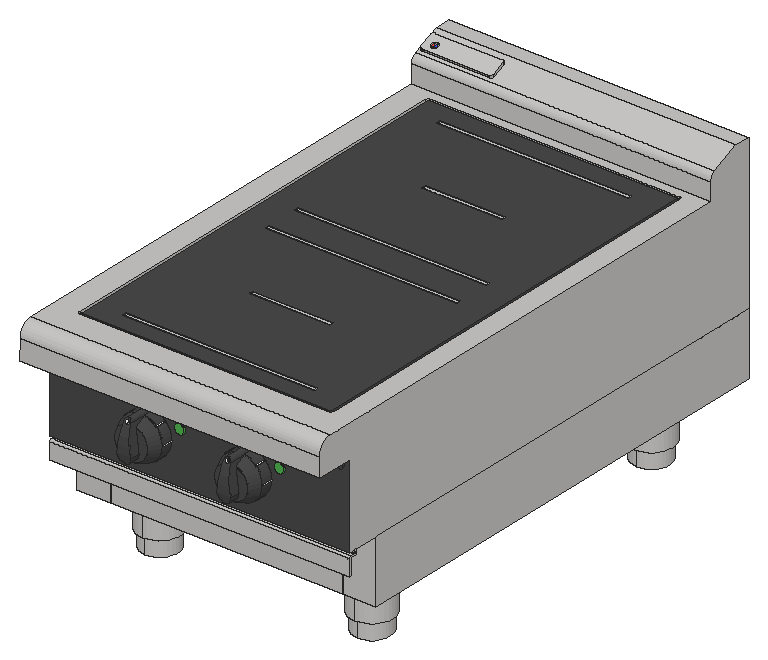
Revit family "QF_Moffat_INLB8200R5-B_Induction_Cooktop_cat", category Specialty Equipment, Revit 2019
Family settings
  Round Connector Dimension = Use Diameter
  Part Type = Normal
  Work Plane-Based = No
  Always vertical = Yes
  Cut with Voids When Loaded = No
  Shared = No
  Room Calculation Point = No
Parameters (values of type "INLB8200R5-B_400/50/3")
  Weight in Kilograms = 88
  Watts = 10000 W
  Volts = 400 V
  URL Cutsheet = ""
  Specification by User = ""
  Specification by Manufacturer = ""
  Show Logo [instance] = yes
  Serial Number = ""
  Seismic Rating = ""
  SMACNA No = ""
  Revision Code = ""
  Phase = 3
  Number of Poles = 1
  NAFEM Spec ID Number = ""
  Model = "INLB8200R5-B"
  Min Ckt Ampacity = 0 A
  Max Overcurrent Protection = 0 A
  Masterspec = ""
  Manufacturer = "Moffat"
  Length = 450 mm
  Item Number = ""
  Installed By = ""
  Identify Quantity as Lot = yes
  Height = 410 mm
  HP = ""
  Furnished By = ""
  Foodservice Equipment Identifier = yes
  FL Amps = 14 A
  Electrical Remarks = ""
  Electric Connection Type = ""
  Elec Conn RI Height = 0 mm
  Elec Conn Connection Height = 0 mm
  Description = "Induction Cooktop"
  Depth = 805 mm
  Cycle = 50 Hz
  Conn Plug = ""
  Conn Conduit = yes
  CSI MasterFormat = ""
  Apparent Power = if(Phase = 3, Volts * FL Amps * 1.73, Volts * FL Amps)  # 9688 VA
Reference planes
  plane 1 "BACK": y = 0
  plane 2: z = 0
  plane 3 "LEFT": x = 0
  plane 4 "RIGHT": x = 450
  plane 5 "FRONT": y = -805
  plane 6 "TOP": z = 410
  plane 7 "Center Y": x = 225
  plane 8 "Center X": y = -402.5
  plane 9: x = 65.5
  plane 10: x = 384.5
  plane 11: y = -30
  plane 12: x = 320
  plane 13: z = 85
  plane 14: y = -100
  plane 15: y = -625
  plane 16: y = -70
  plane 17: z = 355
  plane 18: z = 75
Forms (mm)
  Extrusion 1, solid, material "QF_Metal_Stainless_Polished"
    sketch origin (0, 0, 0) x (0, 1, 0) y (0, 0, 1)
      loop
        line (0, 180) -> (0, 410) -> (-23.147, 410) -> (-62.316, 393.374)
        arc (-62.316, 393.374) -> (-67.905, 388.725) -> (-70, 381.764) r 12.612
        line (-70, 381.764) -> (-70, 355) -> (-784.417, 355)
        arc (-784.417, 355) -> (-798.971, 348.971) -> (-805, 334.417) r 20.583
        line (-805, 334.417) -> (-805, 305) -> (-749, 305) -> (-749, 180) -> (0, 180)
    from 0 to 450
  Extrusion 2, void
    sketch origin (0, -784.417, 355) x (0, 1, 0) y (-1, 0, 0)
      loop
        arc (699.588, -42.349) -> (697.83, -38.106) -> (693.588, -36.349) r 6
        line (693.588, -36.349) -> (45.492, -36.349)
        arc (45.492, -36.349) -> (41.249, -38.106) -> (39.492, -42.349) r 6
        line (39.492, -42.349) -> (39.492, -413.677)
        arc (39.492, -413.677) -> (41.249, -417.92) -> (45.492, -419.677) r 6
        line (45.492, -419.677) -> (693.588, -419.677)
        arc (693.588, -419.677) -> (697.83, -417.92) -> (699.588, -413.677) r 6
        line (699.588, -413.677) -> (699.588, -42.349)
    from 0 to -9.5
  Extrusion 3, solid, material "QF_Plastic_Black_Smooth"
    sketch origin (0, -784.417, 355) x (0, 1, 0) y (-1, 0, 0)
      loop
        line (695.588, -413.677) -> (695.588, -42.349)
        arc (695.588, -42.349) -> (695.002, -40.935) -> (693.588, -40.349) r 2
        line (693.588, -40.349) -> (45.492, -40.349)
        arc (45.492, -40.349) -> (44.078, -40.935) -> (43.492, -42.349) r 2
        line (43.492, -42.349) -> (43.492, -413.677)
        arc (43.492, -413.677) -> (44.078, -415.091) -> (45.492, -415.677) r 2
        line (45.492, -415.677) -> (693.588, -415.677)
        arc (693.588, -415.677) -> (695.002, -415.091) -> (695.588, -413.677) r 2
      loop
        line (666.191, -368.576) -> (666.191, -81.424) -> (660.191, -81.424) -> (660.191, -368.576) -> (666.191, -368.576)
      loop
        line (528.085, -165) -> (528.085, -285) -> (534.085, -285) -> (534.085, -165) -> (528.085, -165)
      loop
        line (76.585, -368.576) -> (76.585, -81.424) -> (70.585, -81.424) -> (70.585, -368.576) -> (76.585, -368.576)
      loop
        line (204.401, -165) -> (204.401, -285) -> (210.401, -285) -> (210.401, -165) -> (204.401, -165)
      loop
        line (399.085, -368.576) -> (399.085, -81.424) -> (393.085, -81.424) -> (393.085, -368.576) -> (399.085, -368.576)
      loop
        line (344.085, -368.576) -> (344.085, -81.424) -> (338.085, -81.424) -> (338.085, -368.576) -> (344.085, -368.576)
    from 0 to -9.5
  Extrusion 4, solid, material "QF_Metal_Stainless_Polished"
    sketch origin (0, 0, 40) x (0, 1, 0) y (0, 0, 1)
      loop
        line (-739.467, 140) -> (-738.192, 134.838)
        arc (-738.192, 134.838) -> (-738.307, 134.302) -> (-738.799, 134.063) r 0.625
        line (-738.799, 134.063) -> (-746.111, 134.063)
        arc (-746.111, 134.063) -> (-748.011, 133.276) -> (-748.797, 131.377) r 2.686
        line (-748.797, 131.377) -> (-748.797, 107.627) -> (-747.197, 107.627) -> (-747.197, 131.242)
        arc (-747.197, 131.242) -> (-746.84, 132.105) -> (-745.976, 132.463) r 1.221
        line (-745.976, 132.463) -> (-738.755, 132.463)
        arc (-738.755, 132.463) -> (-737.028, 133.304) -> (-736.625, 135.182) r 2.194
        line (-736.625, 135.182) -> (-737.815, 140) -> (-739.467, 140)
    from 0 to 450
  Extrusion 5, solid, material "QF_Plastic_Black_Smooth"
    sketch origin (0, -749, 181.875) x (0, 0, 1) y (-1, 0, 0)
      loop
        circle (112.843, -13.157) r 5
      loop
        circle (112.843, -436.843) r 5
    from 0 to 1.6
  Extrusion 6, solid, material "QF_Metal_Stainless_Polished"
    sketch origin (0, -699, 85) x (0, 1, 0) y (1, 0, 0)
      loop
        circle (669, 320) r 6.35
    from 0 to 10
  Extrusion 7, solid, material "QF_Metal_Stainless_Polished"
    sketch origin (0, -699, 85) x (1, 0, 0) y (0, -1, 0)
      loop
        line (0, -699) -> (450, -699) -> (450, 0) -> (399.2, 0) -> (399.2, -25.4) -> (50.8, -25.4) -> (50.8, 0) -> (0, 0) -> (0, -699)
    from 0 to -95
  Extrusion 8, solid, material "QF_Metal_Stainless_Polished"
    sketch origin (50.8, -30, 85) x (0, 1, 0) y (0, 0, 1)
      loop
        line (-669, 0) -> (-643.6, 0) -> (-643.6, 26.45) -> (-669, 26.45) -> (-669, 0)
      loop
        line (-669, 32.45) -> (-643.6, 32.45) -> (-643.6, 66.4) -> (-669, 66.4) -> (-669, 32.45)
      loop
        line (-669, 67.4) -> (-643.6, 67.4) -> (-643.6, 95) -> (-669, 95) -> (-669, 67.4)
    from 0 to 348.4
  Revolve 9, solid, material "QF_Metal_Stainless_Polished"
    sketch origin (65.5, -4572, -304.8) x (0, 0, -1) y (0, -1, 0)
      loop
        line (-304.8, -4499.5) -> (-304.8, -4472) -> (-389.8, -4472) -> (-389.8, -4503.75) -> (-329.8, -4503.75) -> (-329.8, -4499.5) -> (-304.8, -4499.5)
      axis (-389.8, -4472) -> (-304.8, -4472)
    angle from 0 to 360
  Revolve 10, solid, material "QF_Metal_Stainless_Polished"
    sketch origin (65.5, -4572, -304.8) x (0, 0, -1) y (0, -1, 0)
      loop
        line (-304.8, -3974.5) -> (-304.8, -3947) -> (-389.8, -3947) -> (-389.8, -3978.75) -> (-329.8, -3978.75) -> (-329.8, -3974.5) -> (-304.8, -3974.5)
      axis (-389.8, -3947) -> (-304.8, -3947)
    angle from 0 to 360
  Revolve 11, solid, material "QF_Metal_Stainless_Polished"
    sketch origin (384.5, -4572, -304.8) x (0, 0, -1) y (0, 1, 0)
      loop
        line (-304.8, 4499.5) -> (-329.8, 4499.5) -> (-329.8, 4503.75) -> (-389.8, 4503.75) -> (-389.8, 4472) -> (-304.8, 4472) -> (-304.8, 4499.5)
      axis (-389.8, 4472) -> (-304.8, 4472)
    angle from 0 to 360
  Revolve 12, solid, material "QF_Metal_Stainless_Polished"
    sketch origin (384.5, -4572, -304.8) x (0, 0, -1) y (0, 1, 0)
      loop
        line (-304.8, 3974.5) -> (-329.8, 3974.5) -> (-329.8, 3978.75) -> (-389.8, 3978.75) -> (-389.8, 3947) -> (-304.8, 3947) -> (-304.8, 3974.5)
      axis (-389.8, 3947) -> (-304.8, 3947)
    angle from 0 to 360
  Extrusion 13, solid, material "QF_Metal_Stainless_Polished"
    sketch origin (0, 0, 0) x (1, 0, 0) y (0, 1, 0)
      loop
        line (368.576, -124.226) -> (368.576, -118.226) -> (81.424, -118.226) -> (81.424, -124.226) -> (368.576, -124.226)
      loop
        line (285, -256.332) -> (285, -250.332) -> (165, -250.332) -> (165, -256.332) -> (285, -256.332)
      loop
        line (165, -574.016) -> (165, -580.016) -> (285, -580.016) -> (285, -574.016) -> (165, -574.016)
      loop
        line (81.424, -707.833) -> (81.424, -713.833) -> (368.576, -713.833) -> (368.576, -707.833) -> (81.424, -707.833)
      loop
        line (368.576, -391.333) -> (368.576, -385.333) -> (81.424, -385.333) -> (81.424, -391.333) -> (368.576, -391.333)
      loop
        line (368.576, -446.333) -> (368.576, -440.333) -> (81.424, -440.333) -> (81.424, -446.333) -> (368.576, -446.333)
    from 355 to 345.5
  Extrusion 14, solid, material "QF_Paint_Green"
    sketch origin (63.231, -748.999, 157.5) x (0, 0, 1) y (-1, 0, 0)
      loop
        circle (100.3, -282.5) r 7.15
    from 0 to 1.6
  Extrusion 15, solid, material "QF_Plastic_Black_Smooth"
    sketch origin (75, -748.999, 169.375) x (0, 0, 1) y (-1, 0, 0)
      loop
        circle (112.843, -225) r 5
    from 0 to 1.6
  Extrusion 16, solid, material "QF_Paint_Green"
    sketch origin (-86.769, -748.999, 157.5) x (0, 0, 1) y (-1, 0, 0)
      loop
        circle (100.3, -282.5) r 7.15
    from 0 to 1.6
  Extrusion 17, solid, material "QF_Plastic_Black_Smooth"
    sketch origin (-75, -748.999, 169.375) x (0, 0, 1) y (-1, 0, 0)
      loop
        circle (112.843, -225) r 5
    from 0 to 1.6
Cuts and joins
  Extrusion 2 cuts Extrusion 1
Lines and regions (mm)
  symbolic lines
    curve 1: line (0, 0, 0) -> (450, 0, 0)
    curve 2: line (0, -805, 0) -> (0, 0, 0)
    curve 3: line (450, -805, 0) -> (0, -805, 0)
    curve 4: line (450, 0, 0) -> (450, -805, 0)
    curve 5: line (0, -70, 0) -> (450, -70, 0)
    curve 6: line (0, -23.147, 0) -> (450, -23.147, 0)
    curve 7: line (42.349, -84.83, 0) -> (413.677, -84.83, 0)
    curve 8: arc (413.677, -84.83, 0) -> (417.92, -86.587, 0) -> (419.677, -90.83, 0) r 6
    curve 9: line (419.677, -90.83, 0) -> (419.677, -738.926, 0)
    curve 10: arc (419.677, -738.926, 0) -> (417.92, -743.168, 0) -> (413.677, -744.926, 0) r 6
    curve 11: line (413.677, -744.926, 0) -> (42.349, -744.926, 0)
    curve 12: arc (42.349, -744.926, 0) -> (38.106, -743.168, 0) -> (36.349, -738.926, 0) r 6
    curve 13: line (36.349, -738.926, 0) -> (36.349, -90.83, 0)
    curve 14: arc (36.349, -90.83, 0) -> (38.106, -86.587, 0) -> (42.349, -84.83, 0) r 6
    curve 15: line (413.677, -88.83, 0) -> (42.349, -88.83, 0)
    curve 16: arc (42.349, -88.83, 0) -> (40.935, -89.415, 0) -> (40.349, -90.83, 0) r 2
    curve 17: line (40.349, -90.83, 0) -> (40.349, -738.926, 0)
    curve 18: arc (40.349, -738.926, 0) -> (40.935, -740.34, 0) -> (42.349, -740.926, 0) r 2
    curve 19: line (42.349, -740.926, 0) -> (413.677, -740.926, 0)
    curve 20: arc (413.677, -740.926, 0) -> (415.091, -740.34, 0) -> (415.677, -738.926, 0) r 2
    curve 21: line (415.677, -738.926, 0) -> (415.677, -90.83, 0)
    curve 22: arc (415.677, -90.83, 0) -> (415.091, -89.415, 0) -> (413.677, -88.83, 0) r 2
    curve 23: line (81.424, -713.833, 0) -> (368.576, -713.833, 0)
    curve 24: line (368.576, -713.833, 0) -> (368.576, -707.833, 0)
    curve 25: line (368.576, -707.833, 0) -> (81.424, -707.833, 0)
    curve 26: line (81.424, -707.833, 0) -> (81.424, -713.833, 0)
    curve 27: line (165, -574.016, 0) -> (285, -574.016, 0)
    curve 28: line (165, -580.016, 0) -> (165, -574.016, 0)
    curve 29: line (285, -574.016, 0) -> (285, -580.016, 0)
    curve 30: line (81.424, -124.226, 0) -> (368.576, -124.226, 0)
    curve 31: line (368.576, -124.226, 0) -> (368.576, -118.226, 0)
    curve 32: line (368.576, -118.226, 0) -> (81.424, -118.226, 0)
    curve 33: line (81.424, -118.226, 0) -> (81.424, -124.226, 0)
    curve 34: line (165, -256.332, 0) -> (285, -256.332, 0)
    curve 35: line (285, -256.332, 0) -> (285, -250.332, 0)
    curve 36: line (285, -250.332, 0) -> (165, -250.332, 0)
    curve 37: line (165, -250.332, 0) -> (165, -256.332, 0)
    curve 38: line (368.576, -385.333, 0) -> (81.424, -385.333, 0)
    curve 39: line (81.424, -385.333, 0) -> (81.424, -391.333, 0)
    curve 40: line (81.424, -391.333, 0) -> (368.576, -391.333, 0)
    curve 41: line (368.576, -391.333, 0) -> (368.576, -385.333, 0)
    curve 42: line (81.424, -446.333, 0) -> (368.576, -446.333, 0)
    curve 43: line (368.576, -446.333, 0) -> (368.576, -440.333, 0)
    curve 44: line (368.576, -440.333, 0) -> (81.424, -440.333, 0)
    curve 45: line (81.424, -440.333, 0) -> (81.424, -446.333, 0)
    curve 46: line (285, -574.016, 0) -> (165, -574.016, 0)
    curve 47: line (165, -574.016, 0) -> (165, -580.016, 0)
    curve 48: line (165, -580.016, 0) -> (285, -580.016, 0)
    curve 49: line (285, -580.016, 0) -> (285, -574.016, 0)
Dimensions and locks
  equal spacing: plane 3 "LEFT", plane 7 "Center Y", plane 4 "RIGHT"
  "Length": plane 3 "LEFT" to plane 4 "RIGHT"
  equal spacing: plane 5 "FRONT", plane 8 "Center X", plane 1 "BACK"
  "Depth": plane 5 "FRONT" to plane 1 "BACK"
  "Height": plane 6 "TOP" to level
  plane 9 to plane 10 = 319 mm
  plane 4 "RIGHT" to plane 3 "LEFT" = 450 mm
  plane 1 "BACK" to plane 5 "FRONT" = 805 mm
  plane 6 "TOP" to plane 2 = 410 mm
  locked: plane 12 to plane 4 "RIGHT" at 130
  plane 1 "BACK" to plane 11 = 30 mm
  plane 1 "BACK" to plane 14 to plane 15 = 100 mm, 525 mm
  plane 1 "BACK" to plane 16 = 70 mm
  plane 17 to level = 355 mm
  level to plane 13 = 85 mm
  plane 18 to level = 75 mm
  plane 12 to plane 4 "RIGHT" = 130 mm
  aligned and locked: level to plane 2
  aligned and locked: Extrusion 3 to Extrusion 13
Automatic sketch dimensions
  Extrusion 2 sketch curve to Extrusion 1 = 39.492 mm
  Extrusion 2 sketch curve to Extrusion 2 sketch curve = 6 mm  (x3)
  Extrusion 1 to Extrusion 2 sketch curve = 20.83 mm  (x2)
  Extrusion 1 to Extrusion 2 sketch curve = 30.323 mm
  Extrusion 1 to Extrusion 2 sketch curve = 42.349 mm
  Extrusion 4 sketch curve to plane 5 "FRONT" = 56.203 mm
  Extrusion 4 sketch curve to Extrusion 4 sketch curve = 1.6 mm
  Extrusion 4 sketch curve to Extrusion 4 sketch curve = 1.086 mm
  Extrusion 4 sketch curve to Extrusion 4 sketch curve = 0.135 mm  (x2)
  Extrusion 4 sketch curve to Extrusion 4 sketch curve = 6.644 mm
  Extrusion 4 sketch curve to Extrusion 4 sketch curve = 0.668 mm
  Extrusion 4 sketch curve to Extrusion 4 sketch curve = 0.044 mm
  Extrusion 4 sketch curve to Extrusion 4 sketch curve = 0.563 mm
  Extrusion 4 sketch curve to Extrusion 4 sketch curve = 1.652 mm
  Extrusion 4 sketch curve to Extrusion 4 sketch curve = 1.567 mm
  Extrusion 4 sketch curve to plane 13 = 62.627 mm
  Extrusion 4 sketch curve to Extrusion 4 sketch curve = 23.614 mm
  Extrusion 4 sketch curve to Extrusion 4 sketch curve = 0.594 mm
  Extrusion 4 sketch curve to Extrusion 4 sketch curve = 0.032 mm
  Extrusion 4 sketch curve to Extrusion 4 sketch curve = 5.162 mm
  Extrusion 1 to Extrusion 5 sketch curve = 10.282 mm  (x2)
  Extrusion 1 to Extrusion 5 sketch curve = 13.157 mm  (x2)
  Extrusion 7 to Extrusion 6 sketch curve = 30 mm
  Extrusion 6 sketch curve to Extrusion 7 = 79.2 mm
  plane 1 "BACK" to Extrusion 7 sketch curve = 0 mm
  Extrusion 7 sketch curve to plane 3 "LEFT" = 0 mm
  Extrusion 7 sketch curve to plane 4 "RIGHT" = 0 mm
  plane 9 to Extrusion 7 sketch curve = 14.7 mm
  Extrusion 7 sketch curve to plane 10 = 14.7 mm
  plane 15 to Extrusion 7 sketch curve = 48.6 mm
  Extrusion 7 sketch curve to Extrusion 7 sketch curve = 25.4 mm  (x2)
  Extrusion 8 sketch curve to Extrusion 7 = 0 mm  (x8)
  Extrusion 7 to Extrusion 8 sketch curve = 26.45 mm
  Extrusion 8 sketch curve to Extrusion 8 sketch curve = 6 mm
  Extrusion 7 to Extrusion 8 sketch curve = 28.6 mm
  Extrusion 8 sketch curve to Extrusion 8 sketch curve = 1 mm
  plane 13 to Revolve 9 sketch curve = 0 mm
  Revolve 9 sketch curve to level = 0 mm  (x2)
  Revolve 9 sketch curve to plane 14 = 0 mm  (x2)
  plane 16 to Revolve 9 sketch curve = 2.5 mm
  level to Revolve 9 sketch curve = 25 mm
  Revolve 9 sketch curve to plane 16 = 1.75 mm
  Revolve 9 sketch curve to Revolve 9 sketch curve = 25 mm
  plane 13 to Revolve 10 sketch curve = 0 mm
  Revolve 10 sketch curve to level = 0 mm  (x2)
  Revolve 10 sketch curve to plane 15 = 0 mm  (x2)
  level to Revolve 10 sketch curve = 25 mm
  Revolve 10 sketch curve to Revolve 10 sketch curve = 27.5 mm
  Revolve 10 sketch curve to Revolve 10 sketch curve = 31.75 mm
  Revolve 10 sketch curve to Revolve 10 sketch curve = 25 mm
  plane 13 to Revolve 11 sketch curve = 0 mm
  Revolve 11 sketch curve to level = 0 mm  (x2)
  Revolve 11 sketch curve to plane 14 = 0 mm  (x2)
  plane 16 to Revolve 11 sketch curve = 2.5 mm
  level to Revolve 11 sketch curve = 25 mm
  Revolve 11 sketch curve to plane 16 = 1.75 mm
  Revolve 11 sketch curve to Revolve 11 sketch curve = 25 mm
  plane 13 to Revolve 12 sketch curve = 0 mm
  Revolve 12 sketch curve to level = 0 mm  (x2)
  Revolve 12 sketch curve to plane 15 = 0 mm  (x2)
  level to Revolve 12 sketch curve = 25 mm
  Revolve 12 sketch curve to plane 15 = 27.5 mm
  Revolve 12 sketch curve to Revolve 12 sketch curve = 4.25 mm
  Revolve 12 sketch curve to Revolve 12 sketch curve = 25 mm
  Extrusion 14 sketch curve to plane 12 = 25.731 mm
  Extrusion 14 sketch curve to plane 17 = 97.2 mm
  plane 12 to Extrusion 15 sketch curve = 20 mm
  Extrusion 15 sketch curve to plane 17 = 72.782 mm
  Extrusion 16 sketch curve to plane 7 "Center Y" = 29.269 mm
  Extrusion 16 sketch curve to plane 17 = 97.2 mm
  Extrusion 17 sketch curve to plane 17 = 72.782 mm
  Extrusion 17 sketch curve to plane 7 "Center Y" = 75 mm
  Extrusion 1 sketch curve to plane 5 "FRONT" = 0 mm
  Extrusion 1 sketch curve to plane 17 = 0 mm
  Extrusion 1 sketch curve to plane 16 = 0 mm
  Extrusion 1 sketch curve to plane 6 "TOP" = 0 mm
  Extrusion 1 sketch curve to plane 1 "BACK" = 0 mm
  Extrusion 1 sketch curve to Extrusion 1 sketch curve = 20.583 mm
  Extrusion 1 sketch curve to Extrusion 1 sketch curve = 35.417 mm
  Extrusion 1 sketch curve to plane 16 = 7.684 mm
  Extrusion 1 sketch curve to Extrusion 1 sketch curve = 12.612 mm
  Extrusion 1 sketch curve to plane 11 = 6.853 mm
  Extrusion 1 sketch curve to Extrusion 1 sketch curve = 29.417 mm
  Extrusion 1 sketch curve to plane 13 = 95 mm
  plane 17 to Extrusion 1 sketch curve = 26.764 mm
  plane 1 "BACK" to curve 1 = 0 mm
  curve 1 to plane 3 "LEFT" = 0 mm
  curve 1 to plane 4 "RIGHT" = 0 mm
  plane 5 "FRONT" to curve 4 = 0 mm
  plane 16 to curve 5 = 0 mm
  curve 6 to plane 11 = 6.853 mm
  curve 8 to curve 22 = 0 mm  (x2)
  curve 10 to curve 20 = 0 mm  (x2)
  curve 12 to curve 18 = 0 mm  (x2)
  curve 14 to curve 16 = 0 mm  (x2)
  plane 9 to curve 13 = 29.151 mm
  curve 14 to curve 17 = 4 mm
  curve 18 to curve 18 = 2 mm
  curve 16 to curve 7 = 2 mm
  curve 33 to plane 9 = 15.924 mm
  curve 25 to plane 9 = 15.924 mm
  curve 38 to plane 9 = 15.924 mm
  curve 42 to plane 9 = 15.924 mm
  curve 37 to plane 7 "Center Y" = 60 mm
  curve 28 to plane 7 "Center Y" = 60 mm
  plane 12 to curve 49 = 35 mm
  plane 12 to curve 35 = 35 mm
  plane 10 to curve 25 = 15.924 mm
  plane 10 to curve 30 = 15.924 mm
  plane 10 to curve 44 = 15.924 mm
  plane 10 to curve 41 = 15.924 mm
  curve 15 to plane 14 = 11.17 mm
  curve 15 to plane 10 = 29.177 mm
  curve 11 to plane 10 = 29.177 mm
  curve 8 to curve 21 = 2 mm
  curve 11 to plane 5 "FRONT" = 60.074 mm
  curve 20 to curve 23 = 25.093 mm
  curve 23 to curve 24 = 6 mm
  curve 47 to plane 15 = 44.984 mm
  curve 29 to curve 27 = 6 mm
  curve 42 to plane 8 "Center X" = 43.833 mm
  curve 42 to curve 44 = 6 mm
  plane 8 "Center X" to curve 39 = 11.167 mm
  curve 40 to curve 38 = 6 mm
  plane 8 "Center X" to curve 35 = 146.168 mm
  curve 34 to curve 35 = 6 mm
  plane 14 to curve 30 = 24.226 mm
  curve 30 to curve 33 = 6 mm
  Extrusion 13 sketch curve to plane 9 = 15.924 mm  (x4)
  Extrusion 13 sketch curve to plane 7 "Center Y" = 60 mm  (x2)
  plane 12 to Extrusion 13 sketch curve = 35 mm  (x2)
  plane 10 to Extrusion 13 sketch curve = 15.924 mm  (x4)
  plane 15 to Extrusion 13 sketch curve = 88.833 mm
  Extrusion 13 sketch curve to Extrusion 13 sketch curve = 6 mm  (x6)
  Extrusion 13 sketch curve to plane 15 = 44.984 mm
  Extrusion 13 sketch curve to plane 8 "Center X" = 43.833 mm
  plane 8 "Center X" to Extrusion 13 sketch curve = 11.167 mm
  plane 8 "Center X" to Extrusion 13 sketch curve = 146.168 mm
  plane 14 to Extrusion 13 sketch curve = 24.226 mm
  Extrusion 3 sketch curve to Extrusion 1 = 43.492 mm
  Extrusion 3 sketch curve to Extrusion 3 sketch curve = 2 mm  (x3)
  Extrusion 3 sketch curve to Extrusion 3 sketch curve = 25.093 mm
  Extrusion 3 sketch curve to Extrusion 3 sketch curve = 6 mm  (x6)
  Extrusion 3 sketch curve to Extrusion 3 sketch curve = 127.816 mm
  Extrusion 3 sketch curve to Extrusion 3 sketch curve = 127.684 mm
  Extrusion 3 sketch curve to Extrusion 3 sketch curve = 49 mm
  Extrusion 3 sketch curve to Extrusion 3 sketch curve = 129 mm
  Extrusion 1 to Extrusion 3 sketch curve = 54.226 mm
  Extrusion 1 to Extrusion 3 sketch curve = 20.83 mm  (x2)
  Extrusion 1 to Extrusion 3 sketch curve = 34.323 mm
  Extrusion 3 sketch curve to Extrusion 3 sketch curve = 45.101 mm  (x2)
  Extrusion 1 to Extrusion 3 sketch curve = 81.424 mm  (x4)
  Extrusion 3 sketch curve to Extrusion 3 sketch curve = 0 mm  (x2)
  Extrusion 3 sketch curve to Extrusion 3 sketch curve = 83.576 mm  (x2)
  Extrusion 3 sketch curve to Extrusion 3 sketch curve = 120 mm  (x2)
  Extrusion 1 to Extrusion 3 sketch curve = 42.349 mm
  radius of Extrusion 5 sketch curve = 5 mm  (x2)
  radius of Extrusion 6 sketch curve = 6.35 mm
  radius of Extrusion 14 sketch curve = 7.15 mm
  radius of Extrusion 15 sketch curve = 5 mm
  radius of Extrusion 16 sketch curve = 7.15 mm
  radius of Extrusion 17 sketch curve = 5 mm
Nested families
  nested 1: "Knob" at (267.5, -739.499, 204.5), type "Knob"
  nested 2: "Knob" at (117.5, -739.499, 204.5), type "Knob"
  nested 3: "QF_LOGO_Waldorf1" at (2, -56.925, 395.662), visible <- "Show Logo", type "QF_LOGO_Waldorf 2"
Connectors
  electrical at (320, -30, 75), driven by "Volts", driven by "Watts"
    settings: on Extrusion 6, index 3, voltage 400 V, apparent load 10000 VA, apparent load phase1 0 VA, apparent load phase2 0 VA, apparent load phase3 0 VA, power factor 1, load classification "Other", number of poles 1, system type 30, power factor state 1, is connector primary yes, connector utility no, sub classification motor no, connector description ""
Definition of nested family "Knob"
  Parameters (values of type "Knob")
    Weight in Pounds = 0
    URL Cutsheet = ""
    Specification by User = ""
    Specification by Manufacturer = ""
    Serial Number = ""
    Seismic Rating = ""
    SMACNA No = ""
    Revision Code = ""
    NAFEM Spec ID Number = ""
    Masterspec = ""
    Length = 65 mm
    Item Number = ""
    Installed By = ""
    Identify Quantity as Lot = yes
    Height = 69.5 mm
    Furnished By = ""
    Foodservice Equipment Identifier = yes
    Depth = 59 mm
    CSI MasterFormat = ""
  Reference planes
    plane 1 "BACK": y = 0
    plane 2: z = 0
    plane 3 "LEFT": x = 0
    plane 4 "RIGHT": x = 65
    plane 5 "FRONT": y = -59
    plane 6 "TOP": z = 69.5
    plane 7 "Center Y": x = 32.5
    plane 8 "Center X": y = -29.5
  Forms (mm)
    Revolve 1, solid
      sketch origin (32.5, 175.397, 1219.2) x (0, 1, 0) y (0, 0, 1)
        loop
          line (-175.397, -1186.7) -> (-219.397, -1186.7) -> (-219.397, -1211.501) -> (-202.106, -1219.2) -> (-185.397, -1219.2) -> (-185.397, -1191.7) -> (-175.397, -1191.7) -> (-175.397, -1186.7)
        axis (-219.397, -1186.7) -> (-175.397, -1186.7)
      angle from 0 to 360
    Extrusion 2, solid
      sketch origin (32.5, 175.397, 1219.2) x (0, 1, 0) y (0, 0, 1)
        loop
          line (-202.106, -1154.2) -> (-185.397, -1154.2) -> (-185.397, -1149.7) -> (-224.105, -1149.7)
          arc (-224.105, -1149.7) -> (-233.965, -1178.467) -> (-230.696, -1208.7) r 70
          line (-230.696, -1208.7) -> (-219.397, -1208.7) -> (-219.397, -1161.899) -> (-202.106, -1154.2)
      from -15 to 15
    Extrusion 3, void
      sketch origin (0, 0, 0) x (1, 0, 0) y (0, 0, 1)
        loop
          line (27.501, 64.613) -> (22.02, 20.585)
          arc (22.02, 20.585) -> (32.792, 10.488) -> (42.986, 21.169) r 10.487
          line (42.986, 21.169) -> (37.499, 64.613)
          arc (37.499, 64.613) -> (32.5, 69.5) -> (27.501, 64.613) r 5
        loop
          line (10, 72.977) -> (10, 5.625) -> (55, 5.625) -> (55, 72.977) -> (10, 72.977)
      from 6.142 to 69.687
    Extrusion 4, solid
      sketch origin (0, -34.115, -16.916) x (1, 0, 0) y (0, 0.45399, 0.891007)
        loop
          circle (32.497, 65) r 2
      from 51.525 to 53.075
    Extrusion 5, solid
      sketch origin (32.5, -10, 32.5) x (0, 0, -1) y (-1, 0, 0)
        loop
          line (-23.54, -22.408) -> (-24.106, -22.974)
          arc (-24.106, -22.974) -> (-23.547, -23.547) -> (-22.974, -24.106) r 33.3
          line (-22.974, -24.106) -> (-22.408, -23.54)
          arc (-22.408, -23.54) -> (-22.981, -22.981) -> (-23.54, -22.408) r 32.5
        loop
          arc (-0.8, -33.29) -> (0, -33.3) -> (0.8, -33.29) r 33.3
          line (0.8, -33.29) -> (0.8, -32.49)
          arc (0.8, -32.49) -> (0, -32.5) -> (-0.8, -32.49) r 32.5
          line (-0.8, -32.49) -> (-0.8, -33.29)
        loop
          arc (23.54, -22.408) -> (22.981, -22.981) -> (22.408, -23.54) r 32.5
          line (22.408, -23.54) -> (22.974, -24.106)
          arc (22.974, -24.106) -> (23.547, -23.547) -> (24.106, -22.974) r 33.3
          line (24.106, -22.974) -> (23.54, -22.408)
        loop
          arc (-23.54, 22.408) -> (-22.981, 22.981) -> (-22.408, 23.54) r 32.5
          line (-22.408, 23.54) -> (-22.974, 24.106)
          arc (-22.974, 24.106) -> (-23.547, 23.547) -> (-24.106, 22.974) r 33.3
          line (-24.106, 22.974) -> (-23.54, 22.408)
        loop
          line (-0.8, 33.29) -> (-0.8, 32.49)
          arc (-0.8, 32.49) -> (0, 32.5) -> (0.8, 32.49) r 32.5
          line (0.8, 32.49) -> (0.8, 33.29)
          arc (0.8, 33.29) -> (0, 33.3) -> (-0.8, 33.29) r 33.3
        loop
          line (32.49, -0.8) -> (33.29, -0.8)
          arc (33.29, -0.8) -> (33.3, 0) -> (33.29, 0.8) r 33.3
          line (33.29, 0.8) -> (32.49, 0.8)
          arc (32.49, 0.8) -> (32.5, 0) -> (32.49, -0.8) r 32.5
        loop
          arc (24.106, 22.974) -> (23.547, 23.547) -> (22.974, 24.106) r 33.3
          line (22.974, 24.106) -> (22.408, 23.54)
          arc (22.408, 23.54) -> (22.981, 22.981) -> (23.54, 22.408) r 32.5
          line (23.54, 22.408) -> (24.106, 22.974)
      from 0 to -16.709
  Cuts and joins
    Extrusion 3 cuts Extrusion 2
  Dimensions and locks
    equal spacing: plane 3 "LEFT", plane 7 "Center Y", plane 4 "RIGHT"
    "Length": plane 3 "LEFT" to plane 4 "RIGHT"
    equal spacing: plane 5 "FRONT", plane 8 "Center X", plane 1 "BACK"
    "Depth": plane 5 "FRONT" to plane 1 "BACK"
    "Height": plane 6 "TOP" to level
    plane 4 "RIGHT" to plane 3 "LEFT" = 65 mm
    aligned and locked: level to plane 2
  Automatic sketch dimensions
    Revolve 1 sketch curve to level = 0 mm
    Revolve 1 sketch curve to plane 1 "BACK" = 0 mm  (x2)
    plane 1 "BACK" to Revolve 1 sketch curve = 10 mm
    plane 8 "Center X" to Revolve 1 sketch curve = 2.791 mm
    Revolve 1 sketch curve to plane 8 "Center X" = 14.5 mm
    level to Revolve 1 sketch curve = 7.699 mm
    level to Revolve 1 sketch curve = 27.5 mm
    Revolve 1 sketch curve to Revolve 1 sketch curve = 5 mm
    Revolve 1 sketch curve to Revolve 1 sketch curve = 35 mm
    Revolve 1 sketch curve to Revolve 1 sketch curve = 0 mm
    Extrusion 2 sketch curve to plane 6 "TOP" = 0 mm
    Extrusion 2 sketch curve to plane 5 "FRONT" = 3.702 mm
    Extrusion 2 sketch curve to plane 5 "FRONT" = 10.293 mm
    Extrusion 2 sketch curve to Extrusion 2 sketch curve = 11.298 mm
    plane 8 "Center X" to Extrusion 2 sketch curve = 2.791 mm
    plane 1 "BACK" to Extrusion 2 sketch curve = 10 mm
    Extrusion 2 sketch curve to plane 1 "BACK" = 11 mm
    Extrusion 2 sketch curve to plane 6 "TOP" = 4.5 mm
    Extrusion 2 sketch curve to plane 6 "TOP" = 12.199 mm
    level to Extrusion 2 sketch curve = 32.962 mm
    level to Extrusion 3 sketch curve = 5.625 mm
    Extrusion 3 sketch curve to plane 7 "Center Y" = 0 mm  (x2)
    Extrusion 3 sketch curve to plane 7 "Center Y" = 4.999 mm
    Extrusion 3 sketch curve to plane 7 "Center Y" = 10.48 mm
    plane 6 "TOP" to Extrusion 3 sketch curve = 3.477 mm
    plane 3 "LEFT" to Extrusion 3 sketch curve = 10 mm
    Extrusion 3 sketch curve to plane 6 "TOP" = 4.887 mm
    Extrusion 3 sketch curve to Extrusion 3 sketch curve = 4.999 mm
    plane 7 "Center Y" to Extrusion 3 sketch curve = 10.486 mm
    level to Extrusion 3 sketch curve = 20.585 mm
    Extrusion 3 sketch curve to Extrusion 3 sketch curve = 0.387 mm
    Extrusion 3 sketch curve to Extrusion 3 sketch curve = 0.113 mm
    plane 4 "RIGHT" to Extrusion 3 sketch curve = 10 mm
    Extrusion 5 sketch curve to Revolve 1 = 32.49 mm
    Revolve 1 to Extrusion 5 sketch curve = 32.49 mm
    Extrusion 5 sketch curve to Revolve 1 = 23.54 mm  (x2)
    Revolve 1 to Extrusion 5 sketch curve = 23.54 mm  (x2)
    Extrusion 5 sketch curve to Revolve 1 = 24.106 mm  (x2)
    Revolve 1 to Extrusion 5 sketch curve = 24.106 mm  (x2)
    Revolve 1 to Extrusion 5 sketch curve = 22.408 mm  (x2)
    Extrusion 5 sketch curve to Revolve 1 = 22.408 mm  (x2)
    Revolve 1 to Extrusion 5 sketch curve = 22.974 mm  (x2)
    Extrusion 5 sketch curve to Revolve 1 = 22.974 mm  (x2)
    Extrusion 5 sketch curve to Extrusion 5 sketch curve = 1.6 mm  (x2)
    Revolve 1 to Extrusion 5 sketch curve = 0.8 mm
    Extrusion 5 sketch curve to Revolve 1 = 0.8 mm
    Extrusion 4 sketch curve to plane 7 "Center Y" = 0.003 mm
    radius of Extrusion 5 sketch curve to Revolve 1 = 0 mm  (x7)
    radius of Revolve 1 to Extrusion 5 sketch curve = 0.8 mm  (x7)
    radius of Extrusion 4 sketch curve = 2 mm
Definition of nested family "QF_LOGO_Waldorf1"
  Parameters (values of type "QF_LOGO_Waldorf")
    Weight in Pounds = 0
    URL Cutsheet = ""
    Specification by User = ""
    Specification by Manufacturer = ""
    Serial Number = ""
    Seismic Rating = ""
    SMACNA No = ""
    Revision Code = ""
    NAFEM Spec ID Number = ""
    Masterspec = ""
    Length = 138 mm
    Item Number = ""
    Installed By = ""
    Identify Quantity as Lot = yes
    Height = 26.711 mm
    Furnished By = ""
    Foodservice Equipment Identifier = yes
    Depth = 3.175 mm
    CSI MasterFormat = ""
  Reference planes
    plane 1 "BACK": y = 0
    plane 2: z = 0
    plane 3 "LEFT": x = 0
    plane 4 "RIGHT": x = 138
    plane 5 "FRONT": y = -3.175
    plane 6 "TOP": z = 26.711
    plane 7 "Center Y": x = 69
    plane 8 "Center X": y = -1.587
  Forms (mm)
    Extrusion 1, solid
      sketch origin (0, 0, 0) x (1, 0, 0) y (0, 0.920505, 0.390731)
        loop
          line (109, 3.464) -> (109, 23.247)
          spline (109, 23.247) -> (108.966, 23.699) -> (108.864, 24.143) -> (108.696, 24.572) -> (108.464, 24.979) -> (108.173, 25.355) -> (107.828, 25.696) -> (107.435, 25.995) -> (107, 26.247) -> (106.531, 26.447) -> (106.035, 26.593) -> (105.522, 26.681) -> (105, 26.711)
          line (105, 26.711) -> (4, 26.711)
          spline (4, 26.711) -> (3.478, 26.681) -> (2.965, 26.593) -> (2.469, 26.447) -> (2, 26.247) -> (1.565, 25.995) -> (1.172, 25.696) -> (0.827, 25.355) -> (0.536, 24.979) -> (0.304, 24.572) -> (0.136, 24.143) -> (0.034, 23.699) -> (0, 23.247)
          line (0, 23.247) -> (0, 3.464)
          spline (0, 3.464) -> (0.034, 3.012) -> (0.136, 2.568) -> (0.304, 2.138) -> (0.536, 1.732) -> (0.827, 1.355) -> (1.172, 1.015) -> (1.565, 0.716) -> (2, 0.464) -> (2.469, 0.264) -> (2.965, 0.118) -> (3.478, 0.03) -> (4, 0)
          line (4, 0) -> (105, 0)
          spline (105, 0) -> (105.522, 0.03) -> (106.035, 0.118) -> (106.531, 0.264) -> (107, 0.464) -> (107.435, 0.716) -> (107.828, 1.015) -> (108.173, 1.355) -> (108.464, 1.732) -> (108.696, 2.138) -> (108.864, 2.568) -> (108.966, 3.012) -> (109, 3.464)
        loop
          line (14.75, 7.005) -> (14.75, 15.654)
          arc (14.75, 15.654) -> (10.425, 11.329) -> (14.75, 7.005) r 4.325
        loop
          line (15.25, 15.654) -> (15.25, 7.005)
          arc (15.25, 7.005) -> (19.575, 11.329) -> (15.25, 15.654) r 4.325
      from 0 to 3.2
    Extrusion 2, solid
      sketch origin (0, 0, 0) x (1, 0, 0) y (0, 0.920505, 0.390731)
        loop
          line (15.25, 15.654) -> (15.25, 7.005)
          arc (15.25, 7.005) -> (19.575, 11.329) -> (15.25, 15.654) r 4.325
      from 0 to 3.2
    Extrusion 3, solid
      sketch origin (16.271, 0, 0) x (-1, 0, 0) y (0, -0.920505, -0.390731)
        loop
          arc (1.521, -15.654) -> (5.846, -11.329) -> (1.521, -7.005) r 4.325
          line (1.521, -7.005) -> (1.521, -15.654)
      from 0 to 3.2
  Lines and regions (mm)
    Split face 1
      outline origin (0, -1.25, 2.946) x (1, 0, 0) y (0, 0.920505, 0.390731)
        loop
          spline (22.129, 16.975) -> (22.389, 15.984) -> (22.649, 15.002) -> (22.91, 14.028) -> (23.172, 13.065) -> (23.433, 12.11) -> (23.695, 11.166) -> (23.956, 10.232) -> (24.218, 9.308) -> (24.479, 8.396) -> (24.74, 7.495) -> (25, 6.605) -> (25.26, 5.728)
          line (25.26, 5.728) -> (29.463, 5.728)
          spline (29.463, 5.728) -> (29.582, 6.252) -> (29.701, 6.78) -> (29.82, 7.313) -> (29.939, 7.85) -> (30.058, 8.391) -> (30.178, 8.936) -> (30.297, 9.485) -> (30.416, 10.038) -> (30.536, 10.594) -> (30.655, 11.155) -> (30.775, 11.719) -> (30.894, 12.287)
          spline (30.894, 12.287) -> (31.018, 11.719) -> (31.142, 11.155) -> (31.266, 10.594) -> (31.39, 10.038) -> (31.514, 9.485) -> (31.638, 8.936) -> (31.762, 8.391) -> (31.885, 7.85) -> (32.009, 7.313) -> (32.133, 6.78) -> (32.256, 6.252) -> (32.379, 5.728)
          line (32.379, 5.728) -> (36.51, 5.728)
          spline (36.51, 5.728) -> (36.766, 6.605) -> (37.023, 7.495) -> (37.28, 8.396) -> (37.538, 9.308) -> (37.795, 10.232) -> (38.053, 11.166) -> (38.311, 12.11) -> (38.569, 13.065) -> (38.826, 14.028) -> (39.083, 15.002) -> (39.34, 15.984) -> (39.597, 16.975)
          line (39.597, 16.975) -> (35.637, 16.975)
          spline (35.637, 16.975) -> (35.523, 16.334) -> (35.41, 15.697) -> (35.296, 15.063) -> (35.182, 14.433) -> (35.068, 13.807) -> (34.954, 13.185) -> (34.84, 12.566) -> (34.726, 11.952) -> (34.612, 11.342) -> (34.497, 10.737) -> (34.383, 10.135) -> (34.269, 9.538)
          spline (34.269, 9.538) -> (34.138, 10.135) -> (34.008, 10.737) -> (33.877, 11.342) -> (33.746, 11.952) -> (33.616, 12.566) -> (33.485, 13.185) -> (33.354, 13.807) -> (33.224, 14.433) -> (33.093, 15.063) -> (32.963, 15.697) -> (32.833, 16.334) -> (32.703, 16.975)
          line (32.703, 16.975) -> (29.247, 16.975)
          spline (29.247, 16.975) -> (29.111, 16.334) -> (28.974, 15.697) -> (28.837, 15.063) -> (28.7, 14.433) -> (28.562, 13.807) -> (28.425, 13.185) -> (28.288, 12.566) -> (28.15, 11.952) -> (28.013, 11.342) -> (27.875, 10.737) -> (27.738, 10.135) -> (27.6, 9.538)
          spline (27.6, 9.538) -> (27.483, 10.135) -> (27.366, 10.737) -> (27.249, 11.342) -> (27.132, 11.952) -> (27.015, 12.566) -> (26.897, 13.185) -> (26.78, 13.807) -> (26.663, 14.433) -> (26.546, 15.063) -> (26.43, 15.697) -> (26.313, 16.334) -> (26.196, 16.975)
          line (26.196, 16.975) -> (22.129, 16.975)
    Split face 2
      outline origin (0, -1.25, 2.946) x (1, 0, 0) y (0, 0.920505, 0.390731)
        loop
          line (51.449, 5.728) -> (51.035, 6.606) -> (51.035, 11.169)
          spline (51.035, 11.169) -> (50.686, 12.42) -> (50.176, 13.224) -> (49.51, 13.708) -> (48.693, 13.995) -> (47.747, 14.152) -> (46.698, 14.207) -> (45.579, 14.186) -> (44.419, 14.114) -> (43.279, 13.929) -> (42.249, 13.481) -> (41.424, 12.614) -> (40.897, 11.169)
          line (40.897, 11.169) -> (44.617, 11.169) -> (44.988, 11.965)
          spline (44.988, 11.965) -> (47.294, 11.682) -> (46.856, 10.932) -> (45.527, 10.609) -> (43.858, 10.439) -> (42.259, 10.123) -> (41.078, 9.417) -> (40.563, 8.246) -> (40.689, 6.989) -> (41.407, 6.052) -> (42.774, 5.536) -> (44.847, 5.497) -> (47.306, 6.602)
          line (47.306, 6.602) -> (47.624, 5.728) -> (51.449, 5.728)
    Split face 3
      outline origin (0, -1.25, 2.946) x (1, 0, 0) y (0, 0.920505, 0.390731)
        loop
          line (47.264, 9.264) -> (44.938, 8.597)
          spline (44.938, 8.597) -> (44.508, 8.228) -> (44.402, 7.9) -> (44.548, 7.626) -> (44.877, 7.42) -> (45.317, 7.295) -> (45.797, 7.265) -> (46.252, 7.342) -> (46.65, 7.525) -> (46.971, 7.813) -> (47.194, 8.201) -> (47.298, 8.685) -> (47.264, 9.264)
    Split face 4
      outline origin (0, -1.25, 2.946) x (1, 0, 0) y (0, 0.920505, 0.390731)
        loop
          line (53.33, 16.975) -> (53.33, 5.728) -> (57.173, 5.728) -> (57.173, 16.975) -> (53.33, 16.975)
    Split face 5
      outline origin (0, -1.25, 2.946) x (1, 0, 0) y (0, 0.920505, 0.390731)
        loop
          line (65.795, 16.975) -> (65.795, 12.976)
          spline (65.795, 12.976) -> (63.839, 14.082) -> (62.087, 14.096) -> (60.633, 13.343) -> (59.574, 12.148) -> (58.99, 10.806) -> (58.867, 9.452) -> (59.156, 8.159) -> (59.81, 7) -> (60.786, 6.056) -> (62.111, 5.514) -> (63.868, 5.634) -> (66.137, 6.679)
          line (66.137, 6.679) -> (66.137, 5.728) -> (69.511, 5.728) -> (69.511, 16.975) -> (65.795, 16.975)
    Split face 6
      outline origin (0, -1.25, 2.946) x (1, 0, 0) y (0, 0.920505, 0.390731)
        loop
          spline (64.273, 7.499) -> (64.754, 7.57) -> (65.202, 7.777) -> (65.587, 8.106) -> (65.882, 8.535) -> (66.067, 9.034) -> (66.131, 9.57) -> (66.067, 10.106) -> (65.882, 10.605) -> (65.587, 11.034) -> (65.202, 11.363) -> (64.754, 11.57) -> (64.273, 11.64)
          spline (64.273, 11.64) -> (63.793, 11.57) -> (63.345, 11.363) -> (62.96, 11.034) -> (62.665, 10.605) -> (62.479, 10.106) -> (62.416, 9.57) -> (62.479, 9.034) -> (62.665, 8.535) -> (62.96, 8.106) -> (63.345, 7.777) -> (63.793, 7.57) -> (64.273, 7.499)
    Split face 7
      outline origin (0, -1.25, 2.946) x (1, 0, 0) y (0, 0.920505, 0.390731)
        loop
          spline (76.449, 5.305) -> (77.855, 5.457) -> (79.166, 5.901) -> (80.291, 6.607) -> (81.155, 7.527) -> (81.698, 8.599) -> (81.883, 9.749) -> (81.698, 10.899) -> (81.155, 11.97) -> (80.291, 12.891) -> (79.166, 13.597) -> (77.855, 14.041) -> (76.449, 14.192)
          spline (76.449, 14.192) -> (75.042, 14.041) -> (73.731, 13.597) -> (72.606, 12.891) -> (71.742, 11.97) -> (71.199, 10.899) -> (71.014, 9.749) -> (71.199, 8.599) -> (71.742, 7.527) -> (72.606, 6.607) -> (73.731, 5.901) -> (75.042, 5.457) -> (76.449, 5.305)
    Split face 8
      outline origin (0, -1.25, 2.946) x (1, 0, 0) y (0, 0.920505, 0.390731)
        loop
          spline (76.449, 7.654) -> (76.841, 7.725) -> (77.206, 7.934) -> (77.52, 8.267) -> (77.76, 8.701) -> (77.912, 9.206) -> (77.963, 9.749) -> (77.912, 10.291) -> (77.76, 10.796) -> (77.52, 11.23) -> (77.206, 11.563) -> (76.841, 11.772) -> (76.449, 11.843)
          spline (76.449, 11.843) -> (76.057, 11.772) -> (75.691, 11.563) -> (75.378, 11.23) -> (75.137, 10.796) -> (74.986, 10.291) -> (74.934, 9.749) -> (74.986, 9.206) -> (75.137, 8.701) -> (75.378, 8.267) -> (75.691, 7.934) -> (76.057, 7.725) -> (76.449, 7.654)
    Split face 9
      outline origin (0, -1.25, 2.946) x (1, 0, 0) y (0, 0.920505, 0.390731)
        loop
          line (86.998, 12.335) -> (86.998, 13.879) -> (83.479, 13.879) -> (83.479, 5.728) -> (87.312, 5.728) -> (87.312, 8.975)
          spline (87.312, 8.975) -> (87.364, 9.356) -> (87.458, 9.686) -> (87.594, 9.968) -> (87.769, 10.204) -> (87.982, 10.398) -> (88.229, 10.55) -> (88.509, 10.666) -> (88.82, 10.746) -> (89.16, 10.794) -> (89.525, 10.812) -> (89.915, 10.803) -> (90.327, 10.77)
          line (90.327, 10.77) -> (90.327, 14.113)
          spline (90.327, 14.113) -> (89.929, 14.127) -> (89.552, 14.111) -> (89.197, 14.066) -> (88.865, 13.991) -> (88.554, 13.887) -> (88.266, 13.754) -> (87.999, 13.591) -> (87.755, 13.399) -> (87.532, 13.177) -> (87.332, 12.926) -> (87.154, 12.645) -> (86.998, 12.335)
    Split face 10
      outline origin (0, -1.25, 2.946) x (1, 0, 0) y (0, 0.920505, 0.390731)
        loop
          line (92.082, 13.879) -> (90.894, 13.879) -> (90.894, 11.972) -> (92.082, 11.972) -> (92.082, 5.728) -> (95.871, 5.728) -> (95.871, 11.972) -> (97.5, 11.972) -> (97.5, 13.879) -> (95.871, 13.879)
          spline (95.871, 13.879) -> (95.843, 14.088) -> (95.845, 14.278) -> (95.877, 14.447) -> (95.939, 14.596) -> (96.03, 14.726) -> (96.151, 14.835) -> (96.301, 14.925) -> (96.482, 14.995) -> (96.692, 15.045) -> (96.931, 15.075) -> (97.201, 15.085) -> (97.5, 15.076)
          line (97.5, 15.076) -> (97.5, 17.266) -> (95.367, 17.266)
          spline (95.367, 17.266) -> (94.982, 17.253) -> (94.58, 17.21) -> (94.174, 17.132) -> (93.774, 17.013) -> (93.39, 16.846) -> (93.034, 16.627) -> (92.717, 16.349) -> (92.448, 16.007) -> (92.24, 15.595) -> (92.102, 15.106) -> (92.046, 14.537) -> (92.082, 13.879)
  Dimensions and locks
    equal spacing: plane 3 "LEFT", plane 7 "Center Y", plane 4 "RIGHT"
    "Length": plane 3 "LEFT" to plane 4 "RIGHT"
    equal spacing: plane 5 "FRONT", plane 8 "Center X", plane 1 "BACK"
    "Depth": plane 5 "FRONT" to plane 1 "BACK"
    "Height": plane 6 "TOP" to level
    plane 4 "RIGHT" to plane 3 "LEFT" = 138 mm
    aligned and locked: level to plane 2
  Automatic sketch dimensions
    Extrusion 1 sketch curve to plane 3 "LEFT" = 0 mm
    plane 3 "LEFT" to Extrusion 1 sketch curve = 4 mm  (x2)
    Extrusion 1 sketch curve to Extrusion 1 sketch curve = 10.75 mm
    Extrusion 1 sketch curve to Extrusion 1 sketch curve = 0.5 mm
    plane 4 "RIGHT" to Extrusion 1 sketch curve = 33 mm
    Extrusion 1 sketch curve to Extrusion 1 sketch curve = 0 mm  (x3)
    Extrusion 1 sketch curve to Extrusion 1 sketch curve = 4 mm
    Extrusion 1 sketch curve to Extrusion 1 sketch curve = 3.464 mm  (x3)
    Extrusion 1 sketch curve to Extrusion 1 sketch curve = 3.541 mm
    Extrusion 1 sketch curve to Extrusion 1 sketch curve = 4.325 mm
    Extrusion 1 sketch curve to Extrusion 1 sketch curve = 19.783 mm
    Extrusion 1 sketch curve to Extrusion 1 sketch curve = 7.592 mm
    plane 3 "LEFT" to Extrusion 2 sketch curve = 15.25 mm
    Extrusion 2 sketch curve to Extrusion 2 sketch curve = 4.325 mm
    plane 3 "LEFT" to Extrusion 3 sketch curve = 14.75 mm
    Extrusion 3 sketch curve to Extrusion 3 sketch curve = 4.325 mm
    Extrusion 1 to Split face 1 sketch curve = 6.879 mm
    Split face 1 sketch curve to Extrusion 1 = 5.728 mm
    Split face 1 sketch curve to Split face 1 sketch curve = 3.132 mm
    Split face 1 sketch curve to Split face 1 sketch curve = 4.068 mm
    Split face 1 sketch curve to Split face 1 sketch curve = 3.051 mm
    Split face 1 sketch curve to Split face 1 sketch curve = 4.203 mm
    Split face 1 sketch curve to Split face 1 sketch curve = 2.916 mm
    Split face 1 sketch curve to Split face 1 sketch curve = 3.456 mm
    Split face 1 sketch curve to Split face 1 sketch curve = 2.934 mm
    Split face 1 sketch curve to Split face 1 sketch curve = 4.131 mm
    Split face 1 sketch curve to Split face 1 sketch curve = 3.96 mm
    Split face 1 sketch curve to Split face 1 sketch curve = 0 mm  (x2)
    Split face 1 sketch curve to Extrusion 1 = 9.736 mm  (x2)
    Extrusion 1 to Split face 1 sketch curve = 6.337 mm
    Extrusion 1 to Split face 1 sketch curve = 6.231 mm
    Extrusion 1 to Split face 1 sketch curve = 3.184 mm
    Extrusion 1 to Split face 1 sketch curve = 13.135 mm
    Split face 1 sketch curve to Split face 1 sketch curve = 4.652 mm
    Split face 1 sketch curve to Split face 1 sketch curve = 3.593 mm
    Split face 1 sketch curve to Split face 1 sketch curve = 1.863 mm
    Split face 1 sketch curve to Split face 1 sketch curve = 0.713 mm
    Split face 1 sketch curve to Split face 1 sketch curve = 2.684 mm
    Split face 1 sketch curve to Split face 1 sketch curve = 3.294 mm
    Split face 1 sketch curve to Split face 1 sketch curve = 0.459 mm
    Split face 1 sketch curve to Split face 1 sketch curve = 2.775 mm
    Split face 1 sketch curve to Split face 1 sketch curve = 1.89 mm
    Split face 1 sketch curve to Split face 1 sketch curve = 0.685 mm
    Split face 1 sketch curve to Split face 1 sketch curve = 9.486 mm
    Split face 1 sketch curve to Split face 1 sketch curve = 16.213 mm
    Split face 1 sketch curve to Split face 1 sketch curve = 3.48 mm
    Split face 1 sketch curve to Split face 1 sketch curve = 4.918 mm
    Split face 1 sketch curve to Split face 1 sketch curve = 7.609 mm
    Split face 1 sketch curve to Split face 1 sketch curve = 0.01 mm  (x2)
    Split face 1 sketch curve to Split face 1 sketch curve = 0.002 mm
    Split face 2 sketch curve to Extrusion 1 = 11.169 mm
    Extrusion 1 to Split face 2 sketch curve = 25.647 mm
    Split face 2 sketch curve to Split face 2 sketch curve = 3.72 mm
    Split face 2 sketch curve to Extrusion 1 = 11.965 mm
    Split face 2 sketch curve to Split face 2 sketch curve = 0.371 mm
    Split face 2 sketch curve to Extrusion 1 = 6.602 mm
    Split face 2 sketch curve to Split face 2 sketch curve = 2.689 mm
    Split face 2 sketch curve to Split face 2 sketch curve = 0.318 mm
    Split face 2 sketch curve to Split face 2 sketch curve = 3.729 mm
    Split face 2 sketch curve to Split face 2 sketch curve = 0.414 mm
    Split face 2 sketch curve to Split face 2 sketch curve = 0.875 mm
    Split face 2 sketch curve to Split face 2 sketch curve = 0.878 mm
    Split face 3 sketch curve to Extrusion 1 = 8.597 mm
    Extrusion 1 to Split face 3 sketch curve = 29.688 mm
    Split face 3 sketch curve to Extrusion 1 = 9.264 mm
    Split face 3 sketch curve to Split face 3 sketch curve = 2.326 mm
    Split face 4 sketch curve to Extrusion 1 = 5.728 mm
    Extrusion 1 to Split face 4 sketch curve = 38.08 mm
    Split face 4 sketch curve to Split face 4 sketch curve = 3.843 mm
    Split face 4 sketch curve to Extrusion 1 = 9.736 mm
    Split face 5 sketch curve to Extrusion 1 = 9.736 mm
    Split face 5 sketch curve to Extrusion 1 = 43.205 mm
    Split face 5 sketch curve to Extrusion 1 = 6.679 mm
    Split face 5 sketch curve to Split face 5 sketch curve = 0.342 mm
    Split face 5 sketch curve to Split face 5 sketch curve = 3.375 mm
    Split face 5 sketch curve to Split face 5 sketch curve = 0.952 mm
    Split face 5 sketch curve to Split face 5 sketch curve = 3.998 mm
    Split face 6 sketch curve to Extrusion 1 = 7.499 mm
    Split face 6 sketch curve to Extrusion 1 = 44.727 mm
    Split face 6 sketch curve to Split face 6 sketch curve = 2.07 mm
    Split face 7 sketch curve to Extrusion 1 = 5.305 mm
    Split face 7 sketch curve to Extrusion 1 = 32.551 mm
    Split face 7 sketch curve to Split face 7 sketch curve = 4.443 mm
    Split face 8 sketch curve to Extrusion 1 = 7.654 mm
    Split face 8 sketch curve to Extrusion 1 = 32.551 mm
    Split face 8 sketch curve to Split face 8 sketch curve = 2.095 mm
    Split face 9 sketch curve to Extrusion 1 = 5.728 mm
    Split face 9 sketch curve to Extrusion 1 = 25.521 mm
    Split face 9 sketch curve to Split face 9 sketch curve = 3.519 mm
    Split face 9 sketch curve to Split face 9 sketch curve = 0.315 mm
    Split face 9 sketch curve to Split face 9 sketch curve = 3.33 mm
    Split face 9 sketch curve to Split face 9 sketch curve = 3.248 mm
    Split face 9 sketch curve to Split face 9 sketch curve = 1.795 mm
    Split face 9 sketch curve to Split face 9 sketch curve = 3.36 mm
    Split face 9 sketch curve to Split face 9 sketch curve = 1.545 mm
    Split face 9 sketch curve to Split face 9 sketch curve = 0.233 mm
    Split face 10 sketch curve to Extrusion 1 = 18.106 mm
    Split face 10 sketch curve to Split face 10 sketch curve = 1.188 mm  (x2)
    Split face 10 sketch curve to Split face 10 sketch curve = 3.285 mm
    Split face 10 sketch curve to Split face 10 sketch curve = 3.789 mm
    Split face 10 sketch curve to Split face 10 sketch curve = 0 mm  (x2)
    Split face 10 sketch curve to Split face 10 sketch curve = 1.629 mm
    Split face 10 sketch curve to Split face 10 sketch curve = 2.133 mm
    Split face 10 sketch curve to Extrusion 1 = 5.728 mm
    Split face 10 sketch curve to Split face 10 sketch curve = 6.245 mm
    Split face 10 sketch curve to Split face 10 sketch curve = 1.907 mm  (x2)
    Split face 10 sketch curve to Split face 10 sketch curve = 1.197 mm
    Split face 10 sketch curve to Split face 10 sketch curve = 2.19 mm
